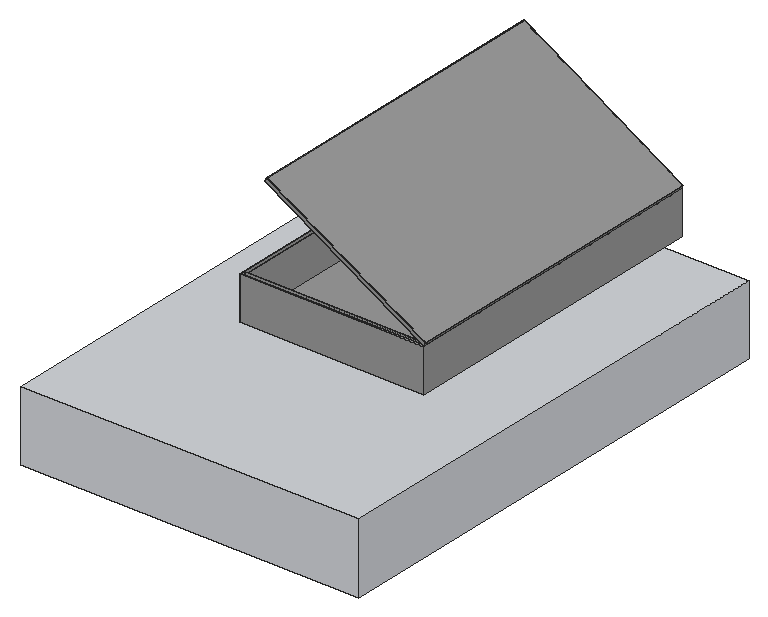
Revit family "Hager-Univers-IP44-D205-H1400-Cl.II-Encl-ES-es", category Equipement électrique, Revit 2020
Family settings
  Hôte = Face
  Configuration du panneau = Deux colonnes, circuits au sein
  Cote de connecteur circulaire = Utiliser le diamètre
  Type d'élément = Tableau de raccordement
  Couper avec des vides une fois chargée = Non
  Partagée = Non
  Point de calcul de pièce = Non
Parameters (values of type "Montado superficial (escayola) IP44 A800 A1400 P205  - FP93SN2")
  Width Control [instance] = if([EF000008 - Anchura] > Min Width, [EF000008 - Anchura], Min Width)  # 800 mm
  Commentaires du type = [HG000003 - Gama]  # "Univers"
  Thickness Door [instance] = if([EF009171 - Espesor puerta/tapa] > 3 mm, 3 mm, [EF009171 - Espesor puerta/tapa])  # 1 mm
  Seal Frame Offset [instance] = 17 mm  # constant formula
  Plinth Visibility [instance] = [HG000027 - Altura de zócalo] > 0 mm  # no
  Model = ""
  Min Width [instance] = 100 mm  # constant formula
  Min Height [instance] = 100 mm  # constant formula
  Min Depth [instance] = (2 * [EF009170 - Espesor del material de la caja]) + 1 mm  # 3 mm
  Internal Frame Depth [instance] = (Door System Depth * 0.5)  # 9 mm
  Height Control [instance] = if([EF000040 - Altura] > Min Height, [EF000040 - Altura], Min Height)  # 1400 mm
  HG000027 - Altura de zócalo = 0 mm
  HG000026 - Instalación en suelo = no
  HG000024 - Altura de la sección inferior = 800 mm
  HG000023 - Caja de doble sección = no
  HG000016 - Visibilidad de la puerta 3D [instance] = yes
  HG000015 - Visibilidad a través de la puerta [instance] = no
  HG000014 - Puerta a la derecha [instance] = yes
  HG000013 - Puerta a la izquierda [instance] = not([HG000014 - Puerta a la derecha])  # no
  HG000012 - Ángulo de giro de la puerta [instance] = 30.00°
  HG000010 - Puertas asimétricas = no
  HG000009 - Puerta batiente doble = no
  HG000006 - Empotrado = no
  HG000004 - Referencia del fabricante = "FP93SN2"
  HG000003 - Gama = "Univers"
  HG000002 - Con puerta o tapa = yes
  Frame Offset Bottom [instance] = 10 mm  # constant formula
  Frame Offset [instance] = 15 mm  # constant formula
  EF015940 - Tapa con alivio de sobrepresión = no
  EF011959 - Grado de protección (NEMA) = ""
  EF009554 - Número de aberturas para placas-brida = 6
  Fabricant = "Hager"  # constant formula
  EF009212 - Versión de la cubierta = "EV000116 - Cerrado"
  EF009171 - Espesor puerta/tapa = 1 mm
  EF009170 - Espesor del material de la caja = 1 mm
  EF008873 - Corriente nominal (In) = 250 A
  EF007800 - Adecuado para la protección contra rayos = no
  EF006306 - Con cierre = no
  EF006244 - Tapa/puerta transparente = no
  EF005474 - Grado de protección (IP) = "EV006418 - IP44"
  EF004464 - Tipo de puerta = "EV002646 - Único"
  EF004427 - Número de módulos = 324
  EF004293 - Resistencia al impacto (IK) = "EV006815 - IK09"
  EF003532 - Adecuado para uso en exteriores = no
  EF002950 - Anchura de unidades de división = 36
  EF001613 - Integridad del circuito = "EV000494 - Ninguno"
  EF001596 - Material de la carcasa = "EV000179 - Acero"
  EF001131 - Profundidad interna = 143 mm
  EF001088 - Posibilidad de extensión = yes
  EF000437 - Número de entradas de conductos de cables = 6
  EF000339 - Tipo de cubierta = "EV001012 - Cubrir"
  EF000266 - Número de filas = 9
  EF000218 - Profundidad de instalación = 205 mm
  EF000118 - Con placa de montaje = no
  EF000116 - Número RAL = "9010"
  EF000049 - Profundidad = 205 mm
  EF000040 - Altura = 1400 mm
  EF000008 - Anchura = 800 mm
  EF000007 - Color = "EV000202 - Blanco"
  EF000003 - Tipo de montaje = "EV000384 - Montado superficial (escayola)"
  Door System Leaf Tolerance [instance] = 1.5 mm  # constant formula
  Door System Depth [instance] = 18 mm  # constant formula
  Door Height [instance] = Height Control - [HG000027 - Altura de zócalo]  # 1400 mm
  Depth Control [instance] = if([EF000049 - Profundidad] > Min Depth, [EF000049 - Profundidad], Min Depth)  # 205 mm
  Default Elevation = 0 mm
  Connector Offset [instance] = Height Control / 2  # 700 mm
  Bottom Top Plate Trim [instance] = 1.5 mm  # constant formula
  Plinth height Ctrl [instance] = if([HG000027 - Altura de zócalo] > 0 mm, [HG000027 - Altura de zócalo], 12 mm)  # 12 mm
Types (5, lengths in mm): name | Width Control | HG000010 - Puertas asimétricas | HG000009 - Puerta batiente doble | HG000004 - Referencia del fabricante | EF009554 - Número de aberturas para placas-brida | EF004464 - Tipo de puerta | EF004427 - Número de módulos | EF002950 - Anchura de unidades de división | EF001131 - Profundidad interna | EF000437 - Número de entradas de conductos de cables | EF000339 - Tipo de cubierta | EF000008 - Anchura
  Montado superficial (escayola) IP44 A1050 A1400 P205  - FP94SN2 | 1050 | no | yes | "FP94SN2" | 8 | "EV003602 - Doble" | 432 | 48 | 143 | 8 | "EV001012 - Cubrir" | 1050
  Montado superficial (escayola) IP44 A1300 A1400 P205  - FP95SN2 | 1300 | yes | yes | "FP95SN2" | 10 | "EV003602 - Doble" | 540 | 60 | 130 | 10 | "EV004216 - Puerta" | 1300
  Montado superficial (escayola) IP44 A300 A1400 P205  - FP91SN2 | 300 | no | no | "FP91SN2" | 2 | "EV002646 - Único" | 108 | 12 | 143 | 2 | "EV001012 - Cubrir" | 300
  Montado superficial (escayola) IP44 A550 A1400 P205  - FP92SN2 | 550 | no | no | "FP92SN2" | 4 | "EV002646 - Único" | 216 | 24 | 143 | 4 | "EV001012 - Cubrir" | 550
  Montado superficial (escayola) IP44 A800 A1400 P205  - FP93SN2 | 800 | no | no | "FP93SN2" | 6 | "EV002646 - Único" | 324 | 36 | 143 | 6 | "EV001012 - Cubrir" | 800
Reference planes
  plane 1 "Center (Front/Back)": y = 0
  plane 2: z = 0
  plane 3 "Center (Left/Right)": x = 0
  plane 4: z = 205
  plane 5: y = 1
  plane 6: y = 700
  plane 7: y = 0
  plane 8: y = 1400
  plane 9: z = 0
  plane 10: x = -385
  plane 11: x = 385
  plane 12: x = 384
  plane 13: x = -384
  plane 14: y = 1399
  plane 15: x = -383
  plane 16: x = -400
  plane 17: x = 383
  plane 18: x = 400
  plane 19: x = 399
  plane 20: x = -399
  plane 21: y = 11
  plane 22: y = 1400
  plane 23: y = 1384
  plane 24: z = 187
  plane 25: z = 1
  plane 26: z = 186
  plane 27: z = 204
Forms (mm)
  Extrusion 1, solid
    sketch origin (0, 0, 0) x (1, 0, 0) y (0, 1, 0)
      loop
        line (-702.964, 1305) -> (-702.964, -811.445) -> (766.763, -811.445) -> (766.763, 1305) -> (-702.964, 1305)
    from 0 to -304.8
  Extrusion 2, solid, material "Hager_Steel_RAL7035_Light_Grey", visible <- "Plinth Visibility", detail levels medium+fine
    sketch origin (0, 0, 0) x (1, 0, 0) y (0, 1, 0)
      loop
        line (-400, 0) -> (400, 0) -> (400, 12) -> (-400, 12) -> (-400, 0)
    from 0 to 187
  Extrusion 3, solid, material "Hager_Steel_RAL7035_Light_Grey", detail levels medium+fine
    sketch origin (0, 0, 0) x (1, 0, 0) y (0, 1, 0)
      loop
        line (-400, 0) -> (400, 0) -> (400, 1400) -> (-400, 1400) -> (-400, 0)
    from 0 to 187
  Extrusion 4, void
    sketch origin (0, 0, 0) x (1, 0, 0) y (0, 1, 0)
      loop
        line (-399, 1) -> (399, 1) -> (399, 1399) -> (-399, 1399) -> (-399, 1)
    from 1 to 186
  Extrusion 5, void
    sketch origin (-381.607, -4572, 187) x (0, -1, 0) y (-1, 0, 0)
      loop
        line (-4583, 2.393) -> (-5956, 2.393) -> (-5956, -765.607) -> (-4583, -765.607) -> (-4583, 2.393)
    from 0 to 1 <- "EF009170 - Espesor del material de la caja"
  Extrusion 6, solid, material "Hager_Steel_RAL7035_Light_Grey", detail levels fine
    sketch origin (0, 0, 187) x (1, 0, 0) y (0, 1, 0)
      loop
        line (-384, 1384) -> (-384, 11) -> (384, 11) -> (384, 1384) -> (-384, 1384)
      loop
        line (-385, 10) -> (385, 10) -> (385, 1385) -> (-385, 1385) -> (-385, 10)
    from 0 to 9 <- "Internal Frame Depth"
  Extrusion 7, solid, material "Hager_Steel_RAL7035_Light_Grey", detail levels coarse
    sketch origin (0, 0, 0) x (1, 0, 0) y (0, 1, 0)
      loop
        line (-400, 0) -> (400, 0) -> (400, 1400) -> (-400, 1400) -> (-400, 0)
    from 0 to 205
  Sweep 8, void
    path in 3D
      loop
        line (-400, 12, 0) -> (400, 12, 0) -> (400, 12, 187) -> (-400, 12, 187) -> (-400, 12, 0)
    profile origin (-400, 12, 93.5) x (-1, 0, 0) y (0, -1, 0)
      loop
        line (0, 0) -> (0, 1.5) -> (-1.5, 1.5)
        arc (-1.5, 1.5) -> (-1.061, 0.439) -> (0, 0) r 1.5
Cuts and joins
  Extrusion 4, Extrusion 5 cuts Extrusion 3
  Sweep 8 cuts Extrusion 2
Lines and regions (mm)
  Masking region 1
    outline origin (0, 0, 0) x (1, 0, 0) y (0, 0, 1)
      loop
        line (-400, 205) -> (-400, 0) -> (400, 0) -> (400, 205) -> (-400, 205)
  Masking region 2, detail levels medium+fine
    outline origin (0, 140, 0) x (0, 1, 0) y (0, 0, 1)
      loop
        line (-140, 0) -> (1260, 0) -> (1260, 187) -> (-140, 187) -> (-140, 0)
  Masking region 3, not visible, detail levels medium+fine
    outline origin (0, 297.922, 0) x (0, 1, 0) y (0, 0, 1)
      loop
        line (413.578, 0) -> (453.578, 0) -> (453.578, 194)
        arc (453.578, 194) -> (450.649, 201.071) -> (443.578, 204) r 10
        line (443.578, 204) -> (413.578, 204) -> (413.578, 0)
  Masking region 4, detail levels coarse
    outline origin (0, 0, 180) x (0, 1, 0) y (0, 0, 1)
      loop
        line (0, -180) -> (1400, -180) -> (1400, 25) -> (0, 25) -> (0, -180)
  Masking region 5, visible <- "Plinth Visibility", detail levels medium+fine
    outline origin (0, 52.24, 12.345) x (0, 0, -1) y (0, 1, 0)
      loop
        line (10.845, -40.24) -> (-173.155, -40.24)
        arc (-173.155, -40.24) -> (-173.594, -41.301) -> (-174.655, -41.74) r 1.5
        line (-174.655, -41.74) -> (-174.655, -52.24) -> (12.345, -52.24) -> (12.345, -41.74)
        arc (12.345, -41.74) -> (11.285, -41.301) -> (10.845, -40.24) r 1.5
  Masking region 6, detail levels medium+fine
    outline origin (-381.607, -4572, 187) x (-1, 0, 0) y (0, -1, 0)
      loop
        line (18.393, -5972) -> (18.393, -4572) -> (-781.607, -4572) -> (-781.607, -5972) -> (18.393, -5972)
  Masking region 7, visible <- "Plinth Visibility", detail levels medium+fine
    outline origin (-381.607, -4727, 187) x (-1, 0, 0) y (0, -1, 0)
      loop
        arc (16.893, -4739) -> (17.332, -4737.939) -> (18.393, -4737.5) r 1.5
        line (18.393, -4737.5) -> (18.393, -4727) -> (-781.607, -4727) -> (-781.607, -4737.5)
        arc (-781.607, -4737.5) -> (-780.546, -4737.939) -> (-780.107, -4739) r 1.5
        line (-780.107, -4739) -> (16.893, -4739)
  Masking region 8, detail levels coarse
    outline origin (-442.548, -4669.526, 187) x (-1, 0, 0) y (0, -1, 0)
      loop
        line (-42.548, -6069.526) -> (-42.548, -4669.526) -> (-842.548, -4669.526) -> (-842.548, -6069.526) -> (-42.548, -6069.526)
  sketch lines
    curve 1: line (-400, 12, 187) -> (-400, 12, 0)
    curve 2: line (400, 12, 187) -> (-400, 12, 187)
    curve 3: line (400, 12, 187) -> (400, 12, 0)
    curve 4: line (-400, 12, 0) -> (400, 12, 0)
Dimensions and locks
  "Depth Control": plane 4 to Extrusion 1
  "HG000027 - Altura de zócalo": plane 1 "Center (Front/Back)" to plane 7
  "EF009170 - Espesor del material de la caja": plane 5 to plane 7
  locked: connector elem to plane 3 "Center (Left/Right)"
  equal spacing: plane 8, plane 6, plane 7
  locked: connector elem to plane 6
  "EF009170 - Espesor del material de la caja": plane 8 to plane 14
  "EF009170 - Espesor del material de la caja": plane 10 to plane 13
  "EF009170 - Espesor del material de la caja": plane 12 to plane 11
  "Frame Offset": plane 20 to plane 13
  "Frame Offset": plane 12 to plane 19
  "EF009170 - Espesor del material de la caja": plane 16 to plane 20
  "EF009170 - Espesor del material de la caja": plane 19 to plane 18
  "Seal Frame Offset": plane 16 to plane 15
  "Seal Frame Offset": plane 17 to plane 18
  "Frame Offset Bottom": plane 21 to plane 5
  "Frame Offset": plane 14 to plane 23
  equal spacing: plane 16, plane 3 "Center (Left/Right)", plane 18
  "Width Control": plane 16 to plane 18
  "EF009170 - Espesor del material de la caja": plane 4 to plane 27
  "EF009170 - Espesor del material de la caja": plane 24 to plane 26
  "EF009170 - Espesor del material de la caja": plane 25 to level
  "Door System Depth": plane 4 to plane 24
  "Height Control": plane 1 "Center (Front/Back)" to Extrusion 7 sketch curve
  "Height Control": Masking region 4 sketch curve to plane 1 "Center (Front/Back)"
  "Height Control": plane 1 "Center (Front/Back)" to plane 22
  "Bottom Top Plate Trim": profile plane to Sweep 8 sketch curve
  "Bottom Top Plate Trim": Sweep 8 sketch curve to profile plane
  "Plinth height Ctrl": plane 1 "Center (Front/Back)" to Extrusion 2 sketch curve
  "Plinth height Ctrl": Masking region 5 sketch curve to plane 1 "Center (Front/Back)"
  "Plinth height Ctrl": plane 1 "Center (Front/Back)" to Masking region 7 sketch curve
  "Thickness Door": Extrusion 6 sketch curve to Extrusion 6 sketch curve  (x3)
  "Thickness Door": cut or joined group of Extrusion 3, Extrusion 4, Extrusion 5 to Extrusion 6 sketch curve
  radius of Masking region 3 sketch curve = 10 mm
  "Bottom Top Plate Trim": radius of Masking region 5 sketch curve  (x2)
  "Bottom Top Plate Trim": radius of Sweep 8 sketch curve
  "Bottom Top Plate Trim": radius of Masking region 7 sketch curve  (x2)
  aligned and locked: plane 2 to Extrusion 1
  aligned and locked: level to Extrusion 1
  aligned and locked: level to Masking region 1 sketch curve
  aligned and locked: Masking region 1 sketch curve to plane 18
  aligned and locked: Masking region 1 sketch curve to plane 16
  aligned and locked: plane 7 to Masking region 2 sketch curve
  aligned and locked: level to Masking region 3 sketch curve
  aligned and locked: Masking region 3 sketch curve to plane 27
  aligned and locked: level to Masking region 2 sketch curve
  aligned and locked: plane 1 "Center (Front/Back)" to Extrusion 2 sketch curve
  aligned and locked: Extrusion 3 sketch curve to plane 7
  aligned and locked: plane 16 to Extrusion 3 sketch curve
  aligned and locked: plane 18 to Extrusion 3 sketch curve
  aligned and locked: plane 20 to Extrusion 4 sketch curve
  aligned and locked: plane 19 to Extrusion 4 sketch curve
  aligned and locked: Extrusion 4 sketch curve to plane 5
  aligned and locked: Extrusion 4 to plane 25
  aligned and locked: plane 26 to Extrusion 4
  aligned and locked: plane 24 to Extrusion 3
  aligned and locked: Extrusion 5 sketch curve to plane 21
  aligned and locked: Extrusion 5 sketch curve to plane 13
  aligned and locked: Extrusion 5 sketch curve to plane 12
  aligned and locked: plane 18 to Extrusion 7 sketch curve
  aligned and locked: plane 1 "Center (Front/Back)" to Extrusion 7 sketch curve
  aligned and locked: plane 16 to Extrusion 7 sketch curve
  aligned and locked: plane 4 to Extrusion 7
  aligned and locked: Extrusion 7 to level
  aligned and locked: level to Masking region 4 sketch curve
  aligned and locked: Masking region 4 sketch curve to plane 1 "Center (Front/Back)"
  aligned and locked: Masking region 4 sketch curve to plane 4
  aligned and locked: nested 1 to level
  aligned and locked: nested 1 to plane 16
  aligned and locked: plane 8 to Extrusion 3 sketch curve
  aligned and locked: plane 23 to Extrusion 5 sketch curve
  aligned and locked: plane 14 to Extrusion 4 sketch curve
  aligned and locked: Masking region 2 sketch curve to plane 8
  aligned and locked: level to Masking region 5 sketch curve
  aligned and locked: plane 16 to Extrusion 2 sketch curve
  aligned and locked: plane 18 to Extrusion 2 sketch curve
  aligned and locked: Masking region 5 sketch curve to plane 24
  aligned and locked: Masking region 2 sketch curve to plane 24
  aligned and locked: plane 24 to Extrusion 2
  aligned and locked: profile plane to Sweep 8 sketch curve  (x2)
  aligned and locked: Masking region 6 sketch curve to plane 18
  aligned and locked: Masking region 6 sketch curve to plane 22
  aligned and locked: Masking region 6 sketch curve to plane 16
  aligned and locked: plane 8 to plane 22
  aligned and locked: Masking region 6 sketch curve to plane 7
  aligned and locked: Masking region 7 sketch curve to plane 16
  aligned and locked: Masking region 7 sketch curve to plane 1 "Center (Front/Back)"
  aligned and locked: Masking region 7 sketch curve to plane 18
  aligned and locked: Masking region 8 sketch curve to plane 1 "Center (Front/Back)"
  aligned and locked: Masking region 8 sketch curve to plane 18
  aligned and locked: Masking region 8 sketch curve to plane 22
  aligned and locked: Masking region 8 sketch curve to plane 16
  aligned and locked: nested 2 to plane 7
  aligned and locked: plane 3 "Center (Left/Right)" to nested 2
  aligned and locked: nested 2 to plane 24
  aligned and locked: Extrusion 6 sketch curve to cut or joined group of Extrusion 3, Extrusion 4, Extrusion 5  (x4)
Automatic sketch dimensions
  Extrusion 1 sketch curve to Extrusion 1 sketch curve = 1469.727 mm
  Extrusion 1 sketch curve to Extrusion 1 sketch curve = 2116.445 mm
  Masking region 1 sketch curve to plane 4 = 0 mm
  plane 6 to Masking region 3 sketch curve = 11.5 mm
  Masking region 3 sketch curve to Masking region 3 sketch curve = 30 mm
  Masking region 5 sketch curve to plane 1 "Center (Front/Back)" = 0 mm
Nested families
  nested 1: "Hager_Enclosure_Symbol" at (-400, 0, 0) x (1, 0, 0) z (0, -1, 0), Height <- "Depth Control", Width <- "Width Control", type "Hager_Enclosure_Symbol"
    with Width_Ctrl 800 mm, Width 800 mm, Height_Ctrl 205 mm, Height 205 mm, A_Width_Int 13.453 mm, A_Width 161.438 mm, A_Height_Ctrl 179.375 mm, A_Height 179.375 mm
  nested 2: "EC000058_Univers_Door" at (0, 0, 187) x (1, 0, 0) z (0, 1, 0), Leaf_Tolerance <- "Door System Leaf Tolerance", Angle <- "HG000012 - Ángulo de giro de la puerta", Door_Depth <- "Door System Depth", Door_Left <- "HG000013 - Puerta a la izquierda", Transparent <- "EF006244 - Tapa/puerta transparente", Assymetrical <- "HG000010 - Puertas asimétricas", Width <- "Width Control", Clearance <- "HG000015 - Visibilidad a través de la puerta", Double <- "HG000009 - Puerta batiente doble", 3d_Door <- "HG000016 - Visibilidad de la puerta 3D", Lock_Visibility <- "EF006306 - Con cierre", Width_Ctrl <- "Width Control", Door_Right <- "HG000014 - Puerta a la derecha", Door <- "HG000002 - Con puerta o tapa", Height <- "Door Height", Thickness <- "Thickness Door", type "EC000058_Univers_Door", detail levels medium+fine
    with min_wh 3 mm, Width_Ctrl 800 mm, Width 800 mm, Transparent no, Thickness 1 mm, Seal_Material Hager_Rubber, Lock_Visibility no, Lock_Material Hager_Plastic_RAL9005_Jet_Black, Leaf_Width 800 mm, Leaf_Tolerance_External_Sides 0 mm, Leaf_Tolerance 1.5 mm, Leaf_Offset 0 mm, Leaf_Height 1397 mm, Leaf_2_Width 800 mm, Leaf_2_Offset 400 mm, Leaf_1_Width 800 mm, Leaf_1_Offset 400 mm, Height_Ctrl 1400 mm, Height 1400 mm, Glass_Material Hager_Glass, Double_Clearance_Ctrl no, Double no, Door_Right_Ctrl yes, Door_Right yes, Door_Material Hager_Steel_RAL7035_Light_Grey, Door_Left_Ctrl no, Door_Left no, Door_Depth 18 mm, Door yes, Clearance_Material Hager_Clearance, Clearance_Depth 800 mm, Clearance_Ctrl no, Clearance no, Assymetrical no, Angle 30.00°, 3d_Door yes
Connectors
  electrical at (0, 700, 0)
    settings: on plane 9, index 1, voltage 0 V, apparent load 0 VA, apparent load phase1 0 VA, apparent load phase2 0 VA, apparent load phase3 0 VA, power factor 1, load classification "Other", number of poles 1, system type 30, power factor state 1, is connector primary yes, connector utility no, sub classification motor no, connector description ""
Definition of nested family "EC000058_Univers_Door"
  Parameters (values of type "EC000058_Univers_Door")
    min_wh [instance] = (2 * Thickness) + 1 mm  # 11 mm
    Width_Ctrl [instance] = 400 mm
    Width [instance] = 500 mm
    Transparent [instance] = yes
    Thickness [instance] = 5 mm
    Seal_Material [instance] = none
    Lock_Visibility [instance] = yes
    Lock_Material [instance] = none
    Leaf_Width [instance] = if((Width_Ctrl - 2 * Leaf_Tolerance_External_Sides) > 0 mm, (Width_Ctrl - 2 * Leaf_Tolerance_External_Sides), min_wh)  # 400 mm
    Leaf_Tolerance_External_Sides [instance] = 0 mm  # constant formula
    Leaf_Tolerance [instance] = 1.5 mm
    Leaf_Offset [instance] = 0 mm  # constant formula
    Leaf_Height [instance] = if((Height_Ctrl - 2 * Leaf_Tolerance) > 0 mm, (Height_Ctrl - 2 * Leaf_Tolerance), min_wh)  # 497 mm
    Leaf_2_Width [instance] = if(and(and(Double, Assymetrical), Door_Left), (Leaf_Width / 3) - (Leaf_Tolerance / 2), if(and(and(Double, Assymetrical), Door_Right), (Leaf_Width / 3) * 2 - (Leaf_Tolerance / 2), if(and(Double, not(Assymetrical)), (Leaf_Width / 2) - Leaf_Tolerance, Leaf_Width)))  # 400 mm
    Leaf_2_Offset [instance] = if(and(Double, Assymetrical), Leaf_2_Width / 2, if(and(Double, not(Assymetrical)), Leaf_Width / 4, Leaf_Width / 2))  # 200 mm
    Leaf_1_Width [instance] = if(and(and(Double, Assymetrical), Door_Right), (Leaf_Width / 3) - (Leaf_Tolerance / 2), if(and(and(Double, Assymetrical), Door_Left), (Width / 3) * 2 - (Leaf_Tolerance / 2), if(and(Double, not(Assymetrical)), (Leaf_Width / 2) - Leaf_Tolerance, Leaf_Width)))  # 400 mm
    Leaf_1_Offset [instance] = if(and(Double, Assymetrical), Leaf_1_Width / 2, if(and(Double, not(Assymetrical)), Leaf_Width / 4, Leaf_Width / 2))  # 200 mm
    Height_Ctrl [instance] = if(Height > min_wh, Height, min_wh)  # 500 mm
    Height [instance] = 500 mm
    Glass_Material [instance] = none
    Double_Clearance_Ctrl [instance] = and(Double, Clearance)  # no
    Double [instance] = no
    Door_Right_Ctrl [instance] = and(or(Door_Right, Double), Door)  # yes
    Door_Right [instance] = yes
    Door_Material [instance] = none
    Door_Left_Ctrl [instance] = and(or(Door_Left, Double), Door)  # no
    Door_Left [instance] = no
    Door_Depth [instance] = 30 mm
    Door [instance] = yes
    Default Elevation = 1219.2 mm
    Clearance_Material [instance] = none
    Clearance_Depth [instance] = if(Leaf_1_Width > Leaf_2_Width, Leaf_1_Width, Leaf_2_Width)  # 400 mm
    Clearance_Ctrl [instance] = and(not(Double), Clearance)  # yes
    Clearance [instance] = yes
    Assymetrical [instance] = yes
    Angle [instance] = 30.00°
    3d_Door [instance] = yes
  Reference planes
    plane 1 "Center (Front/Back)": y = 0
    plane 2 "Bottom": z = 0
    plane 3 "Center (Left/Right)": x = 0
    plane 4: z = 500
    plane 5: x = -200
    plane 6: x = 200
    plane 7: z = 500
    plane 8: x = -200
    plane 9: z = 0
    plane 10: x = 200
    plane 11: y = 0
    plane 12: z = 1.5
    plane 13: x = -600
    plane 14: y = -400
    plane 15: x = 600
    plane 16: x = 0
    plane 17: x = 0
    plane 18: x = -200
    plane 19: x = 200
    plane 20: z = 498.5
  Forms (mm)
    Extrusion 1, solid, material <- "Clearance_Material", visible <- "Double_Clearance_Ctrl"
      sketch origin (1200, 0, 0) x (1, 0, 0) y (0, 0, -1)
        loop
          line (-1800, -498.5) -> (-600, -498.5) -> (-600, 0) -> (-1800, 0) -> (-1800, -498.5)
      from 0 to -400
  Dimensions and locks
    equal spacing: plane 5, plane 3 "Center (Left/Right)", plane 6
    "Width_Ctrl": plane 5 to plane 6
    "Leaf_Offset": plane 5 to plane 8
    "Leaf_Offset": plane 6 to plane 10
    "Leaf_Offset": plane 9 to level
    "Leaf_Offset": plane 4 to plane 7
    "Height_Ctrl": plane 4 to level
    "Leaf_Tolerance": plane 12 to plane 9
    locked: plane 11 to plane 1 "Center (Front/Back)"
    "Leaf_1_Offset": plane 18 to plane 16
    "Leaf_2_Offset": plane 17 to plane 19
    "Leaf_1_Width": plane 13 to plane 8
    "Leaf_2_Width": plane 10 to plane 15
    "Clearance_Depth": plane 14 to plane 1 "Center (Front/Back)"
    "Leaf_Tolerance_External_Sides": plane 8 to plane 18
    "Leaf_Tolerance_External_Sides": plane 19 to plane 10
    "Leaf_Tolerance": plane 7 to plane 20
    aligned and locked: level to plane 2 "Bottom"
    aligned and locked: nested 1 to plane 16
    aligned and locked: nested 2 to plane 17
    aligned and locked: Extrusion 1 to plane 13
    aligned and locked: plane 15 to Extrusion 1
    aligned and locked: Extrusion 1 to plane 14
    aligned and locked: plane 12 to nested 1
    aligned and locked: nested 2 to plane 12
    aligned and locked: Extrusion 1 to plane 11
    aligned and locked: plane 20 to Extrusion 1
    aligned and locked: nested 2 to plane 11
    aligned and locked: nested 1 to plane 11
  Automatic sketch dimensions
    Extrusion 1 sketch curve to level = 0 mm
    plane 5 to Extrusion 1 sketch curve = 400 mm
    plane 6 to Extrusion 1 sketch curve = 400 mm
    Extrusion 1 sketch curve to plane 4 = 1.5 mm
  Nested families
    nested 1: "EC000058_Univers_Door_Leaf" at (0, 0, 1.5), Width <- "Leaf_1_Width", visible <- "Door_Left_Ctrl", Leaf_Height <- "Leaf_Height", Angle <- "Angle", 3d_Door <- "3d_Door", Transparent <- "Transparent", Clearance Material <- "Clearance_Material", Clearance <- "Clearance_Ctrl", Door_Material <- "Door_Material", Glass_Material <- "Glass_Material", Door_Depth <- "Door_Depth", Lock_Material <- "Lock_Material", Seal_Material <- "Seal_Material", Lock_Visibility <- "Lock_Visibility", Thickness <- "Thickness", type "EC000058_Univers_Door_Leaf"
      with Width 400 mm, Transparent_Glass_Offset 30 mm, Transparent_Ctrl yes, Transparent yes, Thickness 5 mm, Standard no, Seal_Material none, Seal_D2 8 mm, Seal_D1 1 mm, Offset_Internal_Frame 10 mm, Lock_Width 20 mm, Lock_Visibility_3d yes, Lock_Visibility yes, Lock_Thickness_3 3 mm, Lock_Thickness_2 1 mm, Lock_Thickness_1 3 mm, Lock_Radius_Offset_2 16 mm, Lock_Radius_Offset_1 15 mm, Lock_Radius_2 5 mm, Lock_Radius 6 mm, Lock_Offset 5 mm, Lock_Material none, Lock_Height 80 mm, Lock_Cover_Top_Offset_2d 17 mm, Lock_Cover_Height -65 mm, Leaf_Height 497 mm, Internal_Seal_Thickness 8 mm, Internal_Seal_Depth_2 4.5 mm, Internal_Frame_Depth 25 mm, Glass_Thickness -1 mm, Glass_Offset -2 mm, Glass_Material none, Door_Material none, Door_Depth 30 mm, Clearance Material none, Clearance yes, Angle_Ctrl 30.00°, Angle 30.00°, 3d_Door yes
    nested 2: "EC000058_Univers_Door_Leaf" at (0, 0, 1.5) x (-1, 0, 0) z (0, 0, 1), Width <- "Leaf_2_Width", visible <- "Door_Right_Ctrl", Leaf_Height <- "Leaf_Height", Angle <- "Angle", 3d_Door <- "3d_Door", Transparent <- "Transparent", Clearance Material <- "Clearance_Material", Clearance <- "Clearance_Ctrl", Door_Material <- "Door_Material", Glass_Material <- "Glass_Material", Door_Depth <- "Door_Depth", Lock_Material <- "Lock_Material", Seal_Material <- "Seal_Material", Lock_Visibility <- "Lock_Visibility", Thickness <- "Thickness", type "EC000058_Univers_Door_Leaf"
      with Width 400 mm, Transparent_Glass_Offset 30 mm, Transparent_Ctrl yes, Transparent yes, Thickness 5 mm, Standard no, Seal_Material none, Seal_D2 8 mm, Seal_D1 1 mm, Offset_Internal_Frame 10 mm, Lock_Width 20 mm, Lock_Visibility_3d yes, Lock_Visibility yes, Lock_Thickness_3 3 mm, Lock_Thickness_2 1 mm, Lock_Thickness_1 3 mm, Lock_Radius_Offset_2 16 mm, Lock_Radius_Offset_1 15 mm, Lock_Radius_2 5 mm, Lock_Radius 6 mm, Lock_Offset 5 mm, Lock_Material none, Lock_Height 80 mm, Lock_Cover_Top_Offset_2d 17 mm, Lock_Cover_Height -65 mm, Leaf_Height 497 mm, Internal_Seal_Thickness 8 mm, Internal_Seal_Depth_2 4.5 mm, Internal_Frame_Depth 25 mm, Glass_Thickness -1 mm, Glass_Offset -2 mm, Glass_Material none, Door_Material none, Door_Depth 30 mm, Clearance Material none, Clearance yes, Angle_Ctrl 30.00°, Angle 30.00°, 3d_Door yes
  Definition of nested family "EC000058_Univers_Door_Leaf"
    Parameters (values of type "EC000058_Univers_Door_Leaf")
      Width [instance] = 2000 mm
      Transparent_Glass_Offset [instance] = 30 mm
      Transparent_Ctrl [instance] = and(Transparent, [3d_Door])  # yes
      Transparent [instance] = yes
      Thickness [instance] = 5 mm
      Standard [instance] = and(not(Transparent), [3d_Door])  # no
      Seal_Material [instance] = none
      Seal_D2 [instance] = 8 mm  # constant formula
      Seal_D1 [instance] = 1 mm  # constant formula
      Offset_Internal_Frame [instance] = 10 mm  # constant formula
      Lock_Width [instance] = 20 mm  # constant formula
      Lock_Visibility_3d [instance] = and(Lock_Visibility, [3d_Door])  # yes
      Lock_Visibility [instance] = yes
      Lock_Thickness_3 [instance] = 3 mm  # constant formula
      Lock_Thickness_2 [instance] = 1 mm  # constant formula
      Lock_Thickness_1 [instance] = 3 mm  # constant formula
      Lock_Radius_Offset_2 [instance] = Lock_Radius_Offset_1 + 1 mm  # 16 mm
      Lock_Radius_Offset_1 [instance] = 15 mm  # constant formula
      Lock_Radius_2 [instance] = Lock_Radius - 1 mm  # 5 mm
      Lock_Radius [instance] = 6 mm  # constant formula
      Lock_Offset [instance] = 5 mm  # constant formula
      Lock_Material [instance] = none
      Lock_Height [instance] = 80 mm  # constant formula
      Lock_Cover_Top_Offset_2d [instance] = Lock_Radius_Offset_2 + 1 mm  # 17 mm
      Lock_Cover_Height [instance] = -(Lock_Height - Lock_Radius_Offset_1)  # -65 mm
      Leaf_Height [instance] = 2720.336 mm
      Internal_Seal_Thickness [instance] = 8 mm  # constant formula
      Internal_Seal_Depth_2 [instance] = 4.5 mm  # constant formula
      Internal_Frame_Depth [instance] = if(Door_Depth - Thickness > 5 mm, Door_Depth - Thickness, 5 mm)  # 25 mm
      Glass_Thickness [instance] = if(Thickness > 15 mm, Glass_Offset + 10 mm, -1 mm)  # -1 mm
      Glass_Offset [instance] = if(Thickness > 15 mm, -(Thickness + 10 mm) / 2, -2 mm)  # -2 mm
      Glass_Material [instance] = none
      Door_Material [instance] = none
      Door_Depth [instance] = 30 mm
      Default Elevation = 0 mm
      Clearance Material [instance] = none
      Clearance [instance] = yes
      Angle_Ctrl [instance] = if(Angle > 180.00°, 180.00°, Angle)  # 90.00°
      Angle [instance] = 90.00°
      3d_Door [instance] = yes
    Reference planes
      plane 1 "Center (Front/Back)": y = 0
      plane 2: z = 0
      plane 3 "Center (Left/Right)": x = 0
      plane 4: y = 2000
      plane 5: x = -1000
      plane 6: x = 1000
      plane 7: x = -3000
      plane 8: z = 2720.336
      plane 9: z = 30
      plane 10: z = 2690.336
      plane 11: x = 970
      plane 12: x = -970
      plane 13: y = -3
      plane 14: z = 107.833
      plane 15: y = -5
      plane 16: y = -223.314
      plane 17: x = -1000
      plane 18: z = 1360.168
      plane 19: y = 30
    Forms (mm)
      Extrusion 1, solid, material <- "Clearance Material", visible <- "Clearance"
        sketch origin (0, 0, 0) x (1, 0, 0) y (0, 0, 1)
          loop
            line (-3000, 2720.336) -> (-3000, 0) -> (1000, 0) -> (1000, 2720.336) -> (-3000, 2720.336)
        from 0 to -2000
      Extrusion 2, solid, material <- "Door_Material", visible <- "Standard", detail levels medium+fine
        sketch origin (-1000, 0, 0) x (0, 1, 0) y (-1, 0, 0)
          loop
            line (0, 30) -> (0, 25) -> (2000, 25) -> (2000, 30) -> (0, 30)
        from 0 to 2720.336 <- "Leaf_Height"
      Extrusion 3, solid, material <- "Door_Material", visible <- "Transparent_Ctrl", detail levels medium+fine
        sketch origin (-1000, 0, 0) x (0, 1, 0) y (-1, 0, 0)
          loop
            line (0, 25) -> (2000, 25) -> (2000, 30) -> (0, 30) -> (0, 25)
        from 0 to 2720.336 <- "Leaf_Height"
      Extrusion 4, void
        sketch origin (-1025, 2000, 0) x (0, 1, 0) y (0, 0, -1)
          loop
            line (-30, -2690.336) -> (-30, -30) -> (-1970, -30) -> (-1970, -2690.336) -> (-30, -2690.336)
        from 0 to 5 <- "Thickness"
      Sweep 5, solid, material <- "Seal_Material", visible <- "Transparent_Ctrl", detail levels fine
        path in 3D
          loop
            line (-1025, 30, 30) -> (-1025, 30, 2690.336) -> (-1025, 1970, 2690.336) -> (-1025, 1970, 30) -> (-1025, 30, 30)
        profile origin (-1025, 1000, 30) x (1, 0, 0) y (0, 0, 1)
          loop
            line (0, 0) -> (0, -8) -> (1, -8) -> (1, 0) -> (0, 0)
      Extrusion 6, solid, material <- "Glass_Material", visible <- "Transparent_Ctrl", detail levels medium+fine
        sketch origin (-1030, 0, 0) x (0, 1, 0) y (0, 0, -1)
          loop
            line (1970, -2690.336) -> (1970, -30) -> (30, -30) -> (30, -2690.336) -> (1970, -2690.336)
        from -2 <- "Glass_Offset" to -1 <- "Glass_Thickness"
      Extrusion 7, solid, material <- "Door_Material", visible <- "3d_Door", detail levels medium+fine
        sketch origin (-1025, 2000, 0) x (0, -1, 0) y (0, 0, -1)
          loop
            line (0, -2720.336) -> (2000, -2720.336) -> (2000, 0) -> (0, 0) -> (0, -2720.336)
          loop
            line (1995, -5) -> (5, -5) -> (5, -2715.336) -> (1995, -2715.336) -> (1995, -5)
        from 0 to 25 <- "Internal_Frame_Depth"
      Sweep 8, solid, material <- "Seal_Material", visible <- "Transparent_Ctrl", detail levels fine
        path in 3D
          loop
            line (-1025, 0, 0) -> (-1025, 2000, 0) -> (-1025, 2000, 2720.336) -> (-1025, 0, 2720.336) -> (-1025, 0, 0)
        profile origin (-1025, 0, 1360.168) x (1, 0, 0) y (0, 1, 0)
          loop
            line (0, 10) -> (2.975, 10)
            arc (2.975, 10) -> (4.053, 10.447) -> (4.5, 11.525) r 1.525
            line (4.5, 11.525) -> (4.5, 16.527)
            arc (4.5, 16.527) -> (4.069, 17.569) -> (3.027, 18) r 1.473
            line (3.027, 18) -> (0, 18) -> (0, 10)
      Extrusion 9, solid, material <- "Lock_Material", visible <- "Lock_Visibility_3d", detail levels fine
        sketch origin (-1030, 0, 0) x (0, 1, 0) y (0, 0, -1)
          loop
            arc (1993.5, -1400.168) -> (1994.561, -1399.729) -> (1995, -1398.668) r 1.5
            line (1995, -1398.668) -> (1995, -1320.168) -> (1975, -1320.168) -> (1975, -1398.668)
            arc (1975, -1398.668) -> (1975.439, -1399.729) -> (1976.5, -1400.168) r 1.5
            line (1976.5, -1400.168) -> (1993.5, -1400.168)
        from 3 <- "Lock_Thickness_1" to 0
      Blend 10, solid, material <- "Lock_Material", visible <- "Lock_Visibility_3d", detail levels fine
        base sketch origin (-1033, 0, 0) x (0, 1, 0) y (0, 0, -1)
          loop
            line (1975, -1320.168) -> (1975, -1398.668)
            arc (1975, -1398.668) -> (1975.439, -1399.729) -> (1976.5, -1400.168) r 1.5
            line (1976.5, -1400.168) -> (1993.5, -1400.168)
            arc (1993.5, -1400.168) -> (1994.561, -1399.729) -> (1995, -1398.668) r 1.5
            line (1995, -1398.668) -> (1995, -1320.168) -> (1975, -1320.168)
        top sketch origin (-1033, 0, 0) x (0, 1, 0) y (0, 0, -1)
          loop
            line (1976, -1320.168) -> (1976, -1398.668)
            arc (1976, -1398.668) -> (1976.146, -1399.022) -> (1976.5, -1399.168) r 0.5
            line (1976.5, -1399.168) -> (1993.5, -1399.168)
            arc (1993.5, -1399.168) -> (1993.854, -1399.022) -> (1994, -1398.668) r 0.5
            line (1994, -1398.668) -> (1994, -1320.168) -> (1976, -1320.168)
        from 0 to 1 <- "Lock_Thickness_2"
      Blend 11, solid, material <- "Lock_Material", visible <- "Lock_Visibility_3d", detail levels fine
        base sketch origin (-1034, 0, 0) x (0, 1, 0) y (0, 0, -1)
          loop
            line (1978, -1320.168) -> (1978, -1384.168)
            arc (1978, -1384.168) -> (1985, -1391.168) -> (1992, -1384.168) r 7
            line (1992, -1384.168) -> (1992, -1320.168) -> (1978, -1320.168)
        top sketch origin (-1034, 0, 0) x (0, 1, 0) y (0, 0, -1)
          loop
            line (1991, -1320.168) -> (1979, -1320.168) -> (1979, -1383.168)
            arc (1979, -1383.168) -> (1985, -1389.168) -> (1991, -1383.168) r 6
            line (1991, -1383.168) -> (1991, -1320.168)
        from 0 to 3 <- "Lock_Thickness_3"
      Extrusion 12, solid, material <- "Lock_Material", visible <- "Lock_Visibility_3d", detail levels fine
        sketch origin (-1030, 1975, 1320.168) x (1, 0, 0) y (0, -1, 0)
          loop
            line (-7, -19) -> (-7, -1) -> (0, -1) -> (0, 0) -> (-8, 0) -> (-8, -20) -> (0, -20) -> (0, -19) -> (-7, -19)
        from 0 to -65 <- "Lock_Cover_Height"
      Extrusion 13, void
        sketch origin (-1038, 1995, 1320.168) x (-1, 0, 0) y (0, 0, -1)
          loop
            line (-5, -65) -> (0, -65) -> (-5, -60) -> (-5, -65)
        from 0 to 20 <- "Lock_Width"
      Extrusion 14, void
        sketch origin (-1038, 1975, 1320.168) x (0, -1, 0) y (0, 0, -1)
          loop
            circle (-10, -15.995) r 6
          loop
            circle (-10, -15.995) r 5
        from 0 to 2
      Extrusion 15, solid, material <- "Lock_Material", visible <- "Lock_Visibility_3d", detail levels medium
        sketch origin (-1030, 0, 0) x (0, 1, 0) y (0, 0, -1)
          loop
            arc (1993.5, -1400.168) -> (1994.561, -1399.729) -> (1995, -1398.668) r 1.5
            line (1995, -1398.668) -> (1995, -1320.168) -> (1975, -1320.168) -> (1975, -1398.668)
            arc (1975, -1398.668) -> (1975.439, -1399.729) -> (1976.5, -1400.168) r 1.5
            line (1976.5, -1400.168) -> (1993.5, -1400.168)
        from 8 to 0
    Cuts and joins
      Extrusion 4 cuts Extrusion 3
      Extrusion 13, Extrusion 14 cuts Extrusion 9
      Extrusion 14 cuts Blend 11
      Extrusion 13, Extrusion 14 cuts Extrusion 12
      joined: Extrusion 9, Blend 10, Blend 11, Extrusion 12
      Extrusion 14 cuts Extrusion 15
    Lines and regions (mm)
      Masking region 1, visible <- "Lock_Visibility", detail levels fine
        outline origin (0, 0, 0) x (0, 1, 0) y (0, 0, 1)
          loop
            line (30, 1320.168) -> (33, 1320.168) -> (33, 1400.168) -> (30, 1400.168) -> (30, 1320.168)
      Masking region 2, visible <- "Lock_Visibility", detail levels fine
        outline origin (0, 3.143, 0) x (0, 1, 0) y (0, 0, 1)
          loop
            line (29.857, 1354.168) -> (30.857, 1354.168) -> (30.857, 1366.168) -> (29.857, 1366.168) -> (29.857, 1354.168)
      Masking region 3, detail levels medium+fine
        outline origin (0, 0, 0) x (0, 1, 0) y (0, 0, 1)
          loop
            line (0, 0) -> (30, 0) -> (30, 2720.336) -> (0, 2720.336) -> (0, 0)
      Masking region 4, detail levels medium+fine
        outline origin (0, 0, 0) x (1, 0, 0) y (0, 0, 1)
          loop
            line (-1000, 2720.336) -> (-1000, 0) -> (1000, 0) -> (1000, 2720.336) -> (-1000, 2720.336)
      Masking region 5, visible <- "Lock_Visibility", detail levels fine
        outline origin (-47.116, 0, 0) x (1, 0, 0) y (0, 0, 1)
          loop
            arc (1024.616, 1399.168) -> (1023.556, 1398.729) -> (1023.116, 1397.668) r 1.5
            line (1023.116, 1397.668) -> (1023.116, 1320.168) -> (1041.116, 1320.168) -> (1041.116, 1397.668)
            arc (1041.116, 1397.668) -> (1040.677, 1398.729) -> (1039.616, 1399.168) r 1.5
            line (1039.616, 1399.168) -> (1024.616, 1399.168)
      Masking region 6, visible <- "Lock_Visibility", detail levels medium+fine
        outline origin (-25, 0, 0) x (1, 0, 0) y (0, 0, 1)
          loop
            arc (1001.5, 1400.168) -> (1000.439, 1399.729) -> (1000, 1398.668) r 1.5
            line (1000, 1398.668) -> (1000, 1320.168) -> (1020, 1320.168) -> (1020, 1398.668)
            arc (1020, 1398.668) -> (1019.561, 1399.729) -> (1018.5, 1400.168) r 1.5
            line (1018.5, 1400.168) -> (1001.5, 1400.168)
      Masking region 7, visible <- "Lock_Visibility", detail levels fine
        outline origin (-73.735, 0, 0) x (1, 0, 0) y (0, 0, 1)
          loop
            line (1051.735, 1382.168) -> (1065.735, 1382.168) -> (1065.735, 1384.168)
            arc (1065.735, 1384.168) -> (1058.735, 1391.168) -> (1051.735, 1384.168) r 7
            line (1051.735, 1384.168) -> (1051.735, 1382.168)
      Masking region 8, visible <- "Lock_Visibility", detail levels fine
        outline origin (-73.735, 0, 0) x (1, 0, 0) y (0, 0, 1)
          loop
            line (1052.735, 1382.168) -> (1064.735, 1382.168) -> (1064.735, 1383.168)
            arc (1064.735, 1383.168) -> (1058.735, 1389.168) -> (1052.735, 1383.168) r 6
            line (1052.735, 1383.168) -> (1052.735, 1382.168)
      Masking region 9, visible <- "Lock_Visibility", detail levels fine
        outline origin (-25, 0, 0) x (1, 0, 0) y (0, 0, 1)
          loop
            line (1020, 1320.168) -> (1020, 1382.168) -> (1000, 1382.168) -> (1000, 1320.168) -> (1020, 1320.168)
      Masking region 10, detail levels medium+fine
        outline origin (0, 0, 0) x (1, 0, 0) y (0, 0, 1)
          loop
            circle (985, 1335.144) r 6
      Masking region 11, detail levels fine
        outline origin (0, 0, 0) x (1, 0, 0) y (0, 0, 1)
          loop
            circle (985, 1335.144) r 5
      Masking region 12, visible <- "Lock_Visibility", detail levels fine
        outline origin (0, 12.767, 0) x (0, 1, 0) y (0, 0, 1)
          loop
            line (20.233, 1320.168) -> (21.233, 1320.168) -> (21.233, 1399.168) -> (20.233, 1400.168) -> (20.233, 1320.168)
      Masking region 13, visible <- "Lock_Visibility", detail levels fine
        outline origin (0, 13.767, -10) x (0, 1, 0) y (0, 0, 1)
          loop
            line (20.233, 1330.168) -> (23.233, 1330.168) -> (23.233, 1399.168) -> (20.233, 1402.168) -> (20.233, 1330.168)
      Masking region 14, visible <- "Lock_Visibility", detail levels fine
        outline origin (0, 12.767, -10) x (0, 1, 0) y (0, 0, 1)
          loop
            line (20.233, 1330.168) -> (25.233, 1330.168) -> (25.233, 1399.305) -> (20.233, 1394.305) -> (20.233, 1330.168)
      Masking region 15, visible <- "Lock_Visibility", detail levels medium
        outline origin (0, 0, 0) x (0, 1, 0) y (0, 0, 1)
          loop
            line (30, 1320.168) -> (38, 1320.168) -> (38, 1400.168) -> (30, 1400.168) -> (30, 1320.168)
      Masking region 16, visible <- "Lock_Visibility", detail levels fine
        outline origin (-1000, 0, 0) x (0, 1, 0) y (-1, 0, 0)
          loop
            line (1975, 30) -> (1995, 30) -> (1995, 38) -> (1975, 38) -> (1975, 30)
          loop
            line (1979, 37) -> (1976, 37) -> (1976, 34) -> (1978, 34) -> (1979, 37)
          loop
            line (1994, 37) -> (1991, 37) -> (1992, 34) -> (1994, 34) -> (1994, 37)
      Masking region 17, visible <- "Lock_Visibility", detail levels medium
        outline origin (-1000, 0, 0) x (0, 1, 0) y (-1, 0, 0)
          loop
            line (1975, 30) -> (1995, 30) -> (1995, 38) -> (1975, 38) -> (1975, 30)
      symbolic lines
        curve 1: line (1000, 0, 0) -> (-3000, 0, 0)
        curve 2: arc (1000, 0, 0) -> (-1000, 2000, 0) -> (-3000, 0, 0) r 2000
        curve 4: line (-1030, 0, 0) -> (-1030, 2000, 0)
      reference lines
        curve 3: line (-1000, 0, 0) -> (-1000, 2000, 0)
      symbolic lines, detail levels medium+fine
        curve 5: line (-1030, 2000, 0) -> (-1025, 2000, 0)
        curve 7: line (-1025, 0, 0) -> (-1030, 0, 0)
        curve 8: line (-1025, 0, 0) -> (-1000, 0, 0)
        curve 9: line (-1000, 0, 0) -> (-1000, 2000, 0)
        curve 10: line (-1000, 2000, 0) -> (-1025, 2000, 0)
      symbolic lines, detail levels fine
        curve 6: line (-1025, 2000, 0) -> (-1025, 0, 0)
      sketch lines
        curve 11: line (-1025, 0, 2720.336) -> (-1025, 0, 0)
        curve 12: line (-1025, 2000, 0) -> (-1025, 0, 0)
        curve 13: line (-1025, 2000, 2720.336) -> (-1025, 2000, 0)
        curve 14: line (-1025, 0, 2720.336) -> (-1025, 2000, 2720.336)
        curve 15: line (-1025, 1970, 30) -> (-1025, 30, 30)
        curve 16: line (-1025, 30, 30) -> (-1025, 30, 2690.336)
        curve 17: line (-1025, 1970, 2690.336) -> (-1025, 1970, 30)
        curve 18: line (-1025, 30, 2690.336) -> (-1025, 1970, 2690.336)
      symbolic lines, visible <- "Transparent", detail levels medium+fine
        curve 19: line (-970, 0, 2690.336) -> (970, 0, 2690.336)
        curve 20: line (-970, 0, 30) -> (-970, 0, 2690.336)
        curve 21: line (970, 0, 30) -> (-970, 0, 30)
        curve 22: line (970, 0, 2690.336) -> (970, 0, 30)
    Dimensions and locks
      "Width": plane 1 "Center (Front/Back)" to plane 4
      equal spacing: plane 5, plane 3 "Center (Left/Right)", plane 6
      "Width": plane 5 to plane 6
      "Width": plane 7 to plane 5
      "Leaf_Height": plane 8 to level
      "Width": curve 5 to curve 3
      "Width": curve 3 to curve 3
      plane 8 to plane 10 = 30 mm
      plane 9 to level = 30 mm
      plane 12 to plane 5 = 30 mm
      plane 6 to plane 11 = 30 mm
      Extrusion 1 to Extrusion 4 sketch curve = 30 mm
      "Transparent_Glass_Offset": curve 3 to Extrusion 4 sketch curve
      "Transparent_Glass_Offset": Extrusion 4 sketch curve to cut or joined group of Extrusion 3, Extrusion 4  (x2)
      cut or joined group of Extrusion 3, Extrusion 4 to Extrusion 6 sketch curve = 30 mm
      "Transparent_Glass_Offset": cut or joined group of Extrusion 3, Extrusion 4 to Extrusion 4 sketch curve
      "Thickness": curve 6 to curve 4
      "Thickness": Extrusion 7 sketch curve to Extrusion 7 sketch curve  (x4)
      "Door_Depth": curve 4 to curve 3
      "Offset_Internal_Frame": profile plane to Sweep 8 sketch curve
      "Internal_Seal_Thickness": Sweep 8 sketch curve to Sweep 8 sketch curve
      "Internal_Seal_Depth_2": profile plane to Sweep 8 sketch curve
      "Seal_D1": profile plane to Sweep 5 sketch curve
      "Seal_D2": profile plane to Sweep 5 sketch curve
      "Thickness": Extrusion 2 sketch curve to Extrusion 2 sketch curve
      equal spacing: Extrusion 9 sketch curve, plane 18, Extrusion 9 sketch curve  (x2)
      equal spacing: Masking region 1 sketch curve, plane 18, Masking region 1 sketch curve
      "Lock_Height": Masking region 1 sketch curve to Masking region 1 sketch curve
      "Lock_Radius": Masking region 2 sketch curve to plane 18 to Masking region 2 sketch curve
      Masking region 2 sketch curve to Masking region 1 = 1 mm
      "Door_Depth": plane 19 to plane 1 "Center (Front/Back)"
      "Lock_Thickness_1": Masking region 1 sketch curve to plane 19
      "Lock_Width": Extrusion 9 sketch curve to Extrusion 9 sketch curve
      "Lock_Height": Extrusion 9 sketch curve to Extrusion 9 sketch curve
      "Lock_Offset": cut or joined group of Extrusion 3, Extrusion 4 to Extrusion 9 sketch curve
      equal spacing: plane 8, plane 18, level
      "Lock_Radius_Offset_1": Blend 11 sketch curve to Blend 10
      locked: Blend 10 to Blend 11 sketch curve at 2  (x2)
      locked: var sketch to Blend 11 sketch curve at 1  (x2)
      "Lock_Radius_Offset_2": Blend 11 sketch curve to Blend 10
      locked: Extrusion 12 sketch curve to Extrusion 12 sketch curve at 1  (x3)
      Masking region 6 sketch curve to Masking region 6 sketch curve = 80 mm
      "Lock_Height": Masking region 6 sketch curve to Masking region 6 sketch curve
      "Lock_Width": Masking region 6 sketch curve to Masking region 6 sketch curve
      locked: Masking region 6 to Masking region 5 sketch curve at 1  (x3)
      locked: Masking region 5 to Masking region 7 sketch curve at 2  (x2)
      "Lock_Radius_Offset_1": Masking region 5 to Masking region 7 sketch curve
      "Lock_Radius_Offset_2": Masking region 5 to Masking region 8 sketch curve
      locked: Masking region 7 to Masking region 8 sketch curve at 1  (x2)
      "Lock_Cover_Top_Offset_2d": Masking region 5 to Masking region 9 sketch curve
      equal spacing: Masking region 9, Masking region 10 sketch curve, Masking region 9
      equal spacing: Masking region 9, Masking region 11 sketch curve, Masking region 9
      Extrusion 15 sketch curve to Extrusion 15 sketch curve = 80 mm
      "Lock_Width": Extrusion 15 sketch curve to Extrusion 15 sketch curve
      "Lock_Height": Extrusion 15 sketch curve to Extrusion 15 sketch curve
      equal spacing: Extrusion 15 sketch curve, plane 18, Extrusion 15 sketch curve
      "Lock_Thickness_3": Masking region 13 sketch curve to Masking region 13 sketch curve
      "Lock_Height": Masking region 12 sketch curve to Masking region 12 sketch curve
      locked: Masking region 13 sketch curve to Masking region 1 at 8
      locked: Masking region 14 sketch curve to Masking region 13 at 1
      locked: Masking region 14 sketch curve to Masking region 1 at 10.863
      "Lock_Height": Masking region 15 sketch curve to Masking region 15 sketch curve
      "Lock_Offset": Extrusion 15 sketch curve to cut or joined group of Extrusion 3, Extrusion 4
      "Lock_Offset": plane 6 to Masking region 6 sketch curve
      radius of Sweep 8 sketch curve = 1.525 mm
      radius of Sweep 8 sketch curve = 1.473 mm
      radius of Extrusion 9 sketch curve = 1.5 mm  (x2)
      "Lock_Radius": radius of Extrusion 14 sketch curve
      "Lock_Radius_2": radius of Extrusion 14 sketch curve
      "Lock_Radius": radius of Masking region 10 sketch curve
      "Lock_Radius_2": radius of Masking region 11 sketch curve
      radius of Extrusion 15 sketch curve = 1.5 mm  (x2)
      "Angle_Ctrl": angle plane 1 "Center (Front/Back)" to curve 3
      locked: Masking region 12 sketch curve to Masking region 12 sketch curve (angle 45.00°)
      locked: Masking region 13 sketch curve to Masking region 13 sketch curve (angle 45.00°)
      locked: Masking region 14 sketch curve to Masking region 14 sketch curve (angle 45.00°)
      aligned and locked: level to plane 2
      aligned and locked: Extrusion 1 to curve 1
      aligned and locked: plane 6 to Extrusion 1
      aligned and locked: Extrusion 1 to plane 1 "Center (Front/Back)"
      aligned and locked: plane 4 to Extrusion 1
      aligned and locked: plane 8 to Extrusion 1
      aligned and locked: curve 7 to Extrusion 2 sketch curve
      aligned and locked: curve 5 to Extrusion 2 sketch curve
      aligned and locked: curve 7 to Extrusion 3 sketch curve
      aligned and locked: Extrusion 3 sketch curve to curve 4
      aligned and locked: Extrusion 3 sketch curve to curve 6
      aligned and locked: Extrusion 3 sketch curve to curve 5
      aligned and locked: curve 9 to curve 3
      aligned and locked: Extrusion 7 sketch curve to cut or joined group of Extrusion 3, Extrusion 4  (x4)
      aligned and locked: plane 17 to curve 3
      aligned and locked: plane 1 "Center (Front/Back)" to curve 3
      aligned and locked: plane 17 to plane 5
      aligned and locked: Sweep 8 sketch curve to profile plane
      aligned and locked: Sweep 5 sketch curve to profile plane  (x2)
      aligned and locked: Masking region 1 to Masking region 2 sketch curve
      aligned and locked: plane 19 to Masking region 1 sketch curve
      aligned and locked: plane 1 "Center (Front/Back)" to Masking region 3 sketch curve
      aligned and locked: plane 19 to Masking region 3 sketch curve
      aligned and locked: level to Masking region 3 sketch curve
      aligned and locked: Masking region 3 sketch curve to plane 8
      aligned and locked: plane 17 to Masking region 4 sketch curve
      aligned and locked: level to Masking region 4 sketch curve
      aligned and locked: Masking region 4 sketch curve to plane 8
      aligned and locked: plane 12 to curve 20
      aligned and locked: plane 10 to curve 19
      aligned and locked: plane 11 to curve 22
      aligned and locked: curve 21 to plane 9
      aligned and locked: Extrusion 2 sketch curve to cut or joined group of Extrusion 3, Extrusion 4
      aligned and locked: Blend 10 sketch curve to Extrusion 9  (x4)
      aligned and locked: Extrusion 9 to Blend 10 sketch curve
      aligned and locked: Blend 10 to Blend 11 sketch curve
      aligned and locked: Extrusion 12 sketch curve to Blend 11
      aligned and locked: Extrusion 12 sketch curve to Extrusion 9  (x4)
      aligned and locked: Masking region 5 sketch curve to Masking region 6
      aligned and locked: Masking region 9 sketch curve to Masking region 6  (x3)
      aligned and locked: Masking region 12 sketch curve to Masking region 1
      aligned and locked: Masking region 13 sketch curve to Masking region 1
      aligned and locked: Masking region 12 to Masking region 14
      aligned and locked: Masking region 14 sketch curve to Masking region 1
      aligned and locked: Masking region 15 sketch curve to Masking region 14
      aligned and locked: Masking region 13 sketch curve to Masking region 12
      aligned and locked: Masking region 16 sketch curve to cut or joined group of Extrusion 14, Extrusion 15  (x4)
      aligned and locked: Masking region 16 sketch curve to cut or joined group of Extrusion 9, Blend 10, Blend 11, Extrusion 12, Extrusion 13, Extrusion 14  (x6)
      aligned and locked: cut or joined group of Extrusion 9, Blend 10, Blend 11, Extrusion 12, Extrusion 13, Extrusion 14 to Masking region 16 sketch curve
      aligned and locked: Masking region 17 sketch curve to cut or joined group of Extrusion 14, Extrusion 15  (x3)
      aligned and locked: Masking region 17 sketch curve to cut or joined group of Extrusion 9, Blend 10, Blend 11, Extrusion 12, Extrusion 13, Extrusion 14
      aligned and locked: Masking region 9 to Masking region 8 sketch curve
      aligned and locked: Masking region 9 to Masking region 7 sketch curve
    Automatic sketch dimensions
      plane 1 "Center (Front/Back)" to curve 2 = 0 mm
      curve 2 to plane 5 = 0 mm
      Extrusion 1 sketch curve to level = 0 mm
      Extrusion 1 sketch curve to plane 7 = 0 mm
      Extrusion 1 sketch curve to plane 6 = 0 mm
      Extrusion 1 sketch curve to plane 8 = 0 mm
      Extrusion 3 to Extrusion 6 sketch curve = 30 mm  (x4)
      Masking region 4 sketch curve to plane 6 = 0 mm
      Blend 10 sketch curve to Extrusion 9 = 1.5 mm
      Blend 10 sketch curve to Extrusion 9 = 1 mm
      Extrusion 13 sketch curve to Extrusion 12 = 0 mm  (x2)
      Extrusion 12 to Extrusion 13 sketch curve = 3 mm
      Extrusion 13 sketch curve to Extrusion 12 = 5 mm
      Extrusion 14 sketch curve to Extrusion 14 sketch curve = 0 mm  (x2)
      Extrusion 14 sketch curve to Extrusion 12 = 10 mm
      Extrusion 14 sketch curve to Extrusion 12 = 15.995 mm
      Masking region 5 sketch curve to Masking region 5 sketch curve = 1.5 mm  (x2)
      Masking region 10 sketch curve to plane 18 = 25.024 mm
      Masking region 11 sketch curve to plane 18 = 25.024 mm
      plane 19 to Masking region 14 sketch curve = 3 mm
      Masking region 16 sketch curve to Masking region 16 sketch curve = 3 mm
      curve 4 to curve 3 = 0 mm
      Blend 10 to Blend 11 sketch curve = 0 mm
      Masking region 6 sketch curve to Masking region 6 sketch curve = 1.5 mm  (x2)
      Masking region 6 sketch curve to plane 18 = 40 mm
      plane 19 to Masking region 12 sketch curve = 3 mm
      Masking region 12 sketch curve to Masking region 12 sketch curve = 1 mm
      Masking region 15 sketch curve to plane 19 = 0 mm
      Masking region 15 sketch curve to plane 18 = 40 mm
      radius of Blend 10 sketch curve to Extrusion 9 = 1 mm
Definition of nested family "Hager_Enclosure_Symbol"
  Parameters (values of type "Hager_Enclosure_Symbol")
    Width_Ctrl [instance] = if(Width > 1 mm, Width, 1 mm)  # 102.27 mm
    Width [instance] = 102.27 mm
    Height_Ctrl [instance] = if(Height > 1 mm, Height, 1 mm)  # 66.5 mm
    A_Width_Int [instance] = if(A_Width / 12 > 2 mm, A_Width / 12, 2 mm)  # 4.364 mm
    A_Width [instance] = if(A_Height_Ctrl * 0.9 > 2 mm, A_Height_Ctrl * 0.9, 2 mm)  # 52.369 mm
    A_Height_Ctrl [instance] = if(A_Height > 2 mm, A_Height, 2 mm)  # 58.188 mm
    Height [instance] = 66.5 mm
    A_Height [instance] = Height - (Height / 8)  # 58.188 mm
  Reference planes
    plane 1 "Centre (avant/arrière)": y = 0
    plane 2: z = 0
    plane 3 "Centre (gauche/droite)": x = 0
    plane 4: x = 52.369
    plane 5: y = 33.042
    plane 6: y = 41.77
    plane 7: y = 66.5
    plane 8: x = 26.184
    plane 9: y = 37.406
    plane 10: x = 102.27
    plane 11: y = 66.5
    plane 12: y = 8.313
  Lines and regions (mm)
    Filled region 1, type "Solid_Black", in view "Niveau de réf."
      outline origin (0, 0, 0) x (1, 0, 0) y (0, 1, 0)
        loop
          line (52.369, 66.5) -> (33.188, 54.536) -> (45.365, 45.006) -> (52.369, 66.5)
    Filled region 2, type "Solid_Black", in view "Niveau de réf."
      outline origin (0, 0, 0) x (1, 0, 0) y (0, 1, 0)
        loop
          line (0, 0) -> (102.27, 0) -> (102.27, 66.5) -> (0, 0)
    detail lines, in view "Niveau de réf."
      curve 1: line (0, 8.313, 0) -> (26.184, 41.77, 0)
      curve 2: line (26.184, 41.77, 0) -> (26.184, 33.042, 0)
      curve 3: line (26.184, 33.042, 0) -> (52.369, 66.5, 0)
  Dimensions and locks
    "A_Width": plane 3 "Centre (gauche/droite)" to plane 4
    equal spacing: plane 3 "Centre (gauche/droite)", plane 8, plane 4
    equal spacing: plane 6, plane 9, plane 5
    equal spacing: curve 3, Filled region 1 sketch curve, Filled region 1 sketch curve
    "Height_Ctrl": plane 1 "Centre (avant/arrière)" to plane 11
    "A_Height_Ctrl": plane 11 to plane 12
    equal spacing: plane 11, plane 9, plane 12
    "A_Width_Int": plane 6 to plane 9
    "Width_Ctrl": plane 3 "Centre (gauche/droite)" to plane 10
    angle Filled region 1 sketch curve to curve 3 = 20.00°
    angle curve 3 to Filled region 1 sketch curve = 20.00°
    locked: curve 3 to Filled region 1 sketch curve (angle 90.00°)
    aligned and locked: plane 10 to Filled region 2
    aligned and locked: plane 11 to Filled region 2 sketch curve
    aligned and locked: plane 10 to Filled region 2 sketch curve
    aligned and locked: plane 3 "Centre (gauche/droite)" to curve 1
    aligned and locked: plane 12 to curve 1
    aligned and locked: plane 7 to plane 11
  Automatic sketch dimensions
    Filled region 1 sketch curve to plane 4 = 0 mm
    Filled region 1 sketch curve to plane 7 = 0 mm
    plane 1 "Centre (avant/arrière)" to Filled region 2 sketch curve = 0 mm
    Filled region 2 sketch curve to plane 3 "Centre (gauche/droite)" = 0 mm
    curve 2 to plane 6 = 0 mm
    curve 2 to plane 8 = 0 mm
    curve 3 to plane 4 = 0 mm
    curve 2 to plane 5 = 0 mm
    curve 3 to plane 7 = 0 mm
